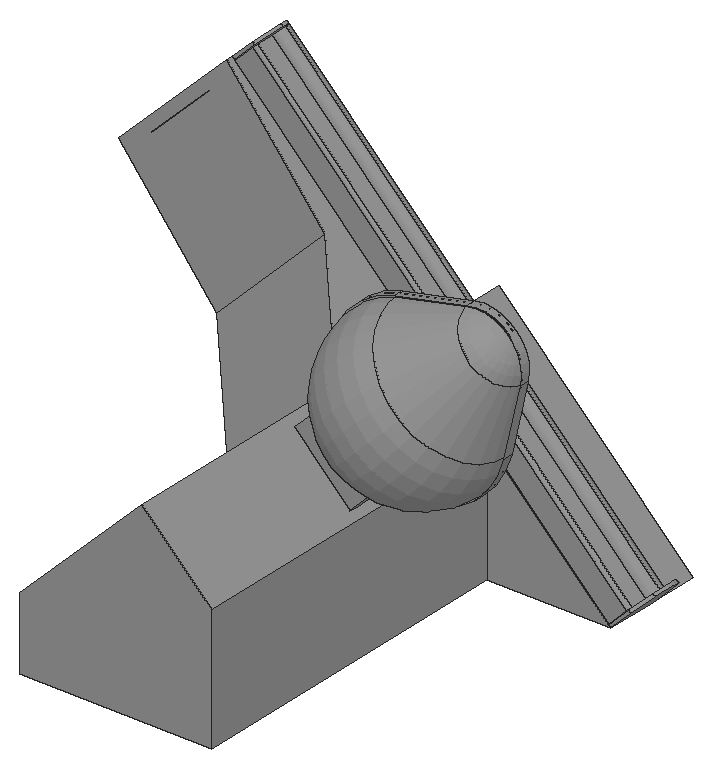
Revit family "Combination-Willoughby-ECW-1545-R-OF", category Plumbing Fixtures, Revit 2015
Parameters (values of type "Standard")
  Waste DIA [instance] = 2 3/8"
  Waste Connection = yes
  W-RAD [instance] = Waste DIA / 2  # 0' - 1 3/16"
  URL = "https://www.willoughby-ind.com/wp-content/uploads/2017/09/1545-Spec-Page.pdf"
  Type Comments = ""
  Revision = "A"
  Flush Inlet Connection = yes
  Model = "ECW-1545-R-OF-1.6"
  Manufacturer = "Willoughby Industries"
  Lav Waste DIA [instance] = 1 1/2"
  LAV Waste Connection = yes
  L-RAD [instance] = Lav Waste DIA / 2  # 0' - 0 3/4"
  HW Connection = no
  Flush inlet DIA [instance] = 1 1/2"
  Fixture Body = Stainless Steel AISI 304-Willoughby
  F-RAD [instance] = Flush inlet DIA / 2  # 0' - 0 3/4"
  Description = "1545 Right Hand Orientation, Wall toilet waste outlet, Off floor mounted, 1.6 GPF"
  Default Elevation = 0' - 0"
  Contact Number = "(800) 428-4065"
  CW Connection = no
Reference planes (in)
  plane 1 "Center (Front/Back)": y = -16.25
  plane 2: z = 0
  plane 3 "Waste CL": x = 0
  plane 4 "Base": y = -16.25
  plane 5 "Seat height": y = 1.75
  plane 6 "Waste Hieght": y = -4.75
  plane 7 "Lwaste ht": y = 8
  plane 8 "flush inlet HT": y = 4.25
  plane 9 "Lav inlet HT": y = 18.25
  plane 10 "Fixture Height": y = 21.75
  plane 11: y = 16.75
  plane 12: y = 16.75
  plane 13: x = -4.43928
  plane 14: x = 0
  plane 15: through (5.56326, 0, 8.31174) normal (0.7071, 0, -0.7071)
  plane 16: through (18.93571, 0, 21.58587) normal (0.7071, 0, -0.7071)
  plane 17: through (11.21677, 0, 22.4617) normal (-0.7071, 0, -0.7071)
  plane 18: through (13.63108, 0, 13.0668) normal (-0.7071, 0, -0.7071)
  plane 19: through (-1.5625, 0, 6.3125) normal (0.7071, 0, 0.7071)
  plane 20: x = 0.375
  plane 21: x = -3.5
  plane 22: x = -6.125
  plane 23: x = 1.375
  plane 24: x = 8.875
Forms (in)
  Extrusion 1, solid, material "Stainless Steel AISI 304-Willoughby" <- "Fixture Body"
    sketch origin (-1.68458, 10.5, 3.3379) x (0.707107, 0, -0.707107) y (0.707107, 0, 0.707107)
      loop
        line (2.70982, 12.45225) -> (2.70982, 16.55468)
        arc (2.70982, 16.55468) -> (6.39888, 20.87266) -> (5.70617, 26.50951) r 7.0486
        line (5.70617, 26.50951) -> (2.63799, 31.40648)
        arc (2.63799, 31.40648) -> (-0.32794, 33.04818) -> (-3.29386, 31.40648) r 3.5
        line (-3.29386, 31.40648) -> (-6.39594, 26.45542)
        arc (-6.39594, 26.45542) -> (-7.09667, 20.86448) -> (-3.45054, 16.56851) r 7
        line (-3.45054, 16.56851) -> (-3.45054, 12.45225) -> (2.70982, 12.45225)
      loop
        line (3.8541, 24.70557) -> (1.45096, 30.23842)
        arc (1.45096, 30.23842) -> (-0.38804, 31.45225) -> (-2.22704, 30.23842) r 2
        line (-2.22704, 30.23842) -> (-4.63018, 24.70557)
        arc (-4.63018, 24.70557) -> (-0.38804, 18.23804) -> (3.8541, 24.70557) r 4.625
    from 8.75 to 9.5
  Revolve 2, solid, material "Stainless Steel AISI 304-Willoughby" <- "Fixture Body"
    sketch origin (-0.30982, 1.5, 6.69351) x (0.707107, 0, -0.707107) y (0.707107, 0, 0.707107)
      loop
        arc (1.06174, 12.59906) -> (7.15052, 16.14555) -> (7.06964, 23.19143) r 7
        line (7.06964, 23.19143) -> (4.02767, 28.04656)
        arc (4.02767, 28.04656) -> (2.75672, 29.25045) -> (1.06174, 29.68826) r 3.5
        line (1.06174, 29.68826) -> (1.06174, 29.43826)
        arc (1.06174, 29.43826) -> (2.63527, 29.03194) -> (3.81535, 27.91457) r 3.25
        line (3.81535, 27.91457) -> (6.78077, 23.18447)
        arc (6.78077, 23.18447) -> (6.96784, 16.33096) -> (1.06174, 12.84906) r 6.75
        line (1.06174, 12.84906) -> (1.06174, 12.59906)
      axis (1.06174, 12.59906) -> (1.06174, 29.68826)
    angle from 0 to -180
  Extrusion 3, solid, material "Stainless Steel AISI 304-Willoughby" <- "Fixture Body"
    sketch origin (0, 21.75, -8.22682) x (-1, 0, 0) y (0, 0, -1)
      loop
        line (5.43305, -8.22682) -> (-19.26346, -8.22682) -> (-4.09227, -23.398) -> (5.43305, -13.87268) -> (5.43305, -8.22682)
    from 0 to 8
  Extrusion 4, solid, material "Stainless Steel AISI 304-Willoughby" <- "Fixture Body"
    sketch origin (14.57379, 17.75, 0.37065) x (-1, 0, 0) y (0, 0, -1)
      loop
        line (33.4941, -20.84255) -> (18.9668, -6.31525) -> (10.48152, -14.80053) -> (25.00882, -29.32784) -> (33.4941, -20.84255)
      loop
        line (25.93339, -27.1733) -> (31.28812, -21.81856)
        arc (31.28812, -21.81856) -> (31.58102, -21.11145) -> (31.28812, -20.40435) r 1
        line (31.28812, -20.40435) -> (21.29651, -10.41273)
        arc (21.29651, -10.41273) -> (20.5894, -10.11984) -> (19.88229, -10.41273) r 1
        line (19.88229, -10.41273) -> (14.52755, -15.76747)
        arc (14.52755, -15.76747) -> (14.23466, -16.47457) -> (14.52755, -17.18168) r 1
        line (14.52755, -17.18168) -> (24.51917, -27.1733)
        arc (24.51917, -27.1733) -> (25.22628, -27.46619) -> (25.93339, -27.1733) r 1
    from 0 to 4
  Extrusion 5, solid, material "Stainless Steel AISI 304-Willoughby" <- "Fixture Body"
    sketch origin (0, 18.25, 5.38846) x (-1, 0, 0) y (0, 0, -1)
      loop
        line (-9.56695, -4.30805) -> (-9.03662, -4.83838) -> (-4.68059, -9.19441) -> (-4.09227, -9.78273) -> (5.43305, -0.2574) -> (5.43305, 5.38846) -> (-9.56695, 5.38846) -> (-9.56695, -4.30805)
    from 0 to 31.5
  Extrusion 6, solid, material "Stainless Steel AISI 304-Willoughby" <- "Fixture Body"
    sketch origin (12.34107, 46.33187, 6.92239) x (0, 1, 0) y (0.707107, 0, -0.707107)
      loop
        line (-32.58187, -11.66556) -> (-40.55839, -11.66556) -> (-34.30788, -19.96026) -> (-33.08187, -32.21026) -> (-32.58187, -32.21026) -> (-32.58187, -11.66556)
    from 0 to 12
  Extrusion 7, solid, material "Stainless Steel AISI 304-Willoughby" <- "Fixture Body"
    sketch origin (0, 0, 0) x (-1, 0, 0) y (0, -1, 0)
      loop
        circle (-0.69195, 4.75) r 1.1875
    from 0 to -3
  Revolve 8, solid, material "Stainless Steel AISI 304-Willoughby" <- "Fixture Body"
    sketch origin (0, 8, 0) x (-1, 0, 0) y (0, 0, 1)
      loop
        line (-2.06695, -3) -> (-1.31695, -3) -> (-1.31695, 1) -> (-2.06695, 1) -> (-2.06695, -3)
      axis (-2.06695, 1) -> (-2.06695, -3)
    angle from 0 to 360
  Extrusion 9, solid, material "Stainless Steel AISI 304-Willoughby" <- "Fixture Body"
    sketch origin (13.99364, -34.07743, -5.26884) x (0, 1, 0) y (-0.707107, 0, -0.707107)
      loop
        line (47.82743, -7.45195) -> (47.82743, -9.70195) -> (49.09543, -10.96995)
        arc (49.09543, -10.96995) -> (50.92221, -11.25341) -> (51.92743, -9.70195) r 1.69987
        line (51.92743, -9.70195) -> (51.92743, -7.45195) -> (47.82743, -7.45195)
    from 0 to 0.25
  Extrusion 10, solid, material "Stainless Steel AISI 304-Willoughby" <- "Fixture Body"
    sketch origin (-27.44804, 0.5, 12.33192) x (0, 1, 0) y (-0.707107, 0, -0.707107)
      loop
        line (15.39313, -24.31003) -> (13.28013, -24.31003) -> (13.28013, -26.57803) -> (15.41821, -27.27327)
        arc (15.41821, -27.27327) -> (16.28244, -26.96338) -> (16.19913, -26.04905) r 0.75
        arc (16.19913, -26.04905) -> (15.60443, -25.26839) -> (15.39313, -24.31003) r 2.27905
    from 0 to 0.25
  Sweep 11, solid, material "Stainless Steel AISI 304-Willoughby" <- "Fixture Body"
    path origin (0, 15.25813, 5.38846) x (-1, 0, 0) y (0, 0, -1)
      loop
        line (8.66726, -25.72424) -> (-20.67718, 3.6202)
    profile origin (6.00496, 15.25813, 16.44048) x (0.707107, 0, 0.707107) y (0, -1, 0)
      loop
        circle (0, -0.892) r 0.75
  Extrusion 12, solid, material "Stainless Steel AISI 304-Willoughby" <- "Fixture Body"
    sketch origin (-27.76071, 0.5, 11.6657) x (0, 1, 0) y (-0.707107, 0, -0.707107)
      loop
        line (13.26824, -25.00221) -> (13.26824, -27.06821)
        arc (13.26824, -27.06821) -> (13.3397, -27.24075) -> (13.51224, -27.31221) r 0.244
        line (13.51224, -27.31221) -> (14.88724, -27.31221) -> (14.88724, -27.19321) -> (13.51224, -27.19321)
        arc (13.51224, -27.19321) -> (13.42385, -27.1566) -> (13.38724, -27.06821) r 0.125
        line (13.38724, -27.06821) -> (13.38724, -25.00221) -> (13.26824, -25.00221)
    from -41.24931 to 0.25
Cuts and joins
  joined: Extrusion 3, Extrusion 4, Extrusion 5, Extrusion 6
Lines and regions (in)
  symbolic lines
    curve 1: line (0, -16.25, 0) -> (0, -16.25, 10.875)
    curve 2: line (0, -16.25, 10.875) -> (0, -9.77082, 10.875)
    curve 3: line (0, -9.77082, 7.42785) -> (0, -9.77082, 14.55072)
    curve 4: arc (0, -9.77082, 14.55072) -> (0, -9.63092, 15.12832) -> (0, -9.34027, 15.64669) r 2.18047
    curve 5: arc (0, -9.34027, 15.64669) -> (0, -8.16612, 16.62247) -> (0, -6.71641, 17.10112) r 4.10062
    curve 6: arc (0, -6.71641, 17.10112) -> (0, -6.25895, 17.17115) -> (0, -5.79693, 17.19776) r 4.90539
    curve 7: line (0, -5.79693, 17.19776) -> (0, -5.34908, 17.19776)
    curve 8: line (0, -9.77082, 7.42785) -> (0, 1, 7.42785)
    curve 9: line (0, 1, 7.42785) -> (0, 1, 6.12122)
    curve 10: line (0, 1, 6.12122) -> (0, 1.75, 6.12122)
    curve 11: line (0, 1.75, 6.12122) -> (0, 1.75, 23.85789)
    curve 12: line (0, 1.75, 23.85789) -> (0, 1, 23.85789)
    curve 13: line (0, 1, 23.85789) -> (0, 1, 23.81298)
    curve 14: arc (0, 1, 23.81298) -> (0, 0.24523, 23.62415) -> (0, -0.44203, 23.25943) r 3.213
    curve 15: line (0, -3.65124, 20.43726) -> (0, -0.44203, 23.25943)
    curve 16: arc (0, -3.65124, 20.43726) -> (0, -4.49136, 19.29804) -> (0, -5.10282, 18.02143) r 7.51089
    curve 17: arc (0, -5.10282, 18.02143) -> (0, -5.32358, 17.30352) -> (0, -5.4657, 16.56599) r 6.96004
    curve 18: arc (0, -5.4657, 16.56599) -> (0, -5.44608, 14.67073) -> (0, -4.87907, 12.86216) r 6.48196
    curve 19: arc (0, -4.87907, 12.86216) -> (0, -2.47541, 10.03856) -> (0, 1, 8.74559) r 7.35882
    curve 20: line (0, 1.75, 10.875) -> (0, 17.75, 10.875)
    curve 21: line (0, 6.9375, 10.875) -> (0, 12.02399, 15.64797)
    curve 22: line (0, 12.02399, 15.64797) -> (0, 13.25, 24.31003)
    curve 23: line (0, 13.25, 24.31003) -> (0, 14.75, 24.31003)
    curve 24: line (0, 14.75, 24.31003) -> (0, 16.08298, 26.14349)
    curve 25: arc (0, 16.08298, 26.14349) -> (0, 16.84422, 26.47073) -> (0, 17.49557, 25.95855) r 0.81101
    curve 26: line (0, 17.49557, 25.95855) -> (0, 17.75, 24.31003)
    curve 27: line (0, 17.75, 24.31003) -> (0, 17.75, 10.875)
    curve 28: line (0, 17.75, 10.875) -> (0, 21.75, 10.875)
    curve 29: line (0, 21.75, 10.875) -> (0, 21.75, 0)
    curve 30: line (0, 21.75, 0) -> (0, -16.25, 0)
    curve 31: line (-6.125, -16.25, 0) -> (8.875, -16.25, 0)
    curve 32: line (8.875, -16.25, 0) -> (8.875, -9.77082, 0)
    curve 33: line (8.875, -9.77082, 0) -> (4.67938, -9.77082, 0)
    curve 34: line (4.67938, -9.77082, 0) -> (4.67938, 1, 0)
    curve 35: line (4.67938, 1, 0) -> (3.39775, 1, 0)
    curve 36: line (3.39775, 1, 0) -> (3.39775, 1.75, 0)
    curve 37: line (3.39775, 1.75, 0) -> (21.19441, 1.75, 0)
    curve 38: line (21.19441, 1.75, 0) -> (21.15511, 1, 0)
    curve 39: arc (21.15511, 1, 0) -> (20.95055, 0.24585, 0) -> (20.59794, -0.45146, 0) r 3.84994
    curve 40: line (20.59794, -0.45146, 0) -> (18.38285, -2.99963, 0)
    curve 41: arc (18.38285, -2.99963, 0) -> (17.86342, -3.56386, 0) -> (17.28141, -4.06329, 0) r 6.5291
    curve 42: arc (17.28141, -4.06329, 0) -> (15.92752, -4.87211, 0) -> (14.4279, -5.36027, 0) r 7.06139
    curve 43: arc (14.4279, -5.36027, 0) -> (13.54813, -5.48094, 0) -> (12.66013, -5.48389, 0) r 6.68208
    curve 44: arc (12.66013, -5.48389, 0) -> (10.67273, -5.07519, 0) -> (8.875, -4.13447, 0) r 7.28874
    curve 45: arc (8.875, -4.13447, 0) -> (7.41489, -2.70905, 0) -> (6.44715, -0.9126, 0) r 6.75389
    curve 46: arc (6.44715, -0.9126, 0) -> (6.18017, 0.03016, 0) -> (6.04061, 1, 0) r 7.37011
    curve 47: line (14.4279, -5.36027, 0) -> (14.4279, -5.77082, 0)
    curve 48: arc (14.4279, -5.77082, 0) -> (14.2915, -6.96797, 0) -> (13.88929, -8.10376, 0) r 5.32184
    curve 49: arc (13.88929, -8.10376, 0) -> (13.02601, -9.24289, 0) -> (11.69305, -9.75875, 0) r 2.61768
    curve 50: line (11.69305, -9.75875, 0) -> (8.87748, -9.75875, 0)
    curve 51: arc (10.07132, -9.75875, 0) -> (10.92795, -9.45203, 0) -> (11.62189, -8.86353, 0) r 2.5444
    curve 52: arc (11.62189, -8.86353, 0) -> (12.41175, -7.45024, 0) -> (12.65944, -5.85026, 0) r 4.57133
    curve 53: line (12.65944, -5.85026, 0) -> (12.65944, -5.49235, 0)
    curve 54: line (8.875, 1.75, 0) -> (8.875, 15.25, 0)
    curve 55: line (8.875, 15.25, 0) -> (15.375, 15.25, 0)
    curve 56: arc (15.375, 15.25, 0) -> (16.875, 16.75, 0) -> (15.375, 18.25, 0) r 1.5
    curve 57: line (15.375, 18.25, 0) -> (13.875, 18.25, 0)
    curve 58: line (13.875, 18.25, 0) -> (13.875, 21.75, 0)
    curve 59: line (13.875, 21.75, 0) -> (-6.125, 21.75, 0)
    curve 60: line (-6.125, 21.75, 0) -> (-6.125, 17.75, 0)
    curve 61: line (-6.125, 17.75, 0) -> (-18.92031, 17.75, 0)
    curve 62: line (-18.92031, 17.75, 0) -> (-18.92031, 13.25, 0)
    curve 63: line (-18.92031, 13.25, 0) -> (-10.25825, 12.02399, 0)
    curve 64: line (-10.25825, 12.02399, 0) -> (-6.125, 7.61924, 0)
    curve 65: line (-6.125, 7.61924, 0) -> (-6.125, -16.25, 0)
  reference lines
    curve 66: line (-8.31371, -16.25, 30.67437) -> (21.38478, -16.25, 0.97588)
Dimensions and locks (in)
  locked: plane 5 "Seat height" to plane 4 "Base" at 18
  plane 6 "Waste Hieght" to plane 4 "Base" = 0' - 11 1/2"
  plane 7 "Lwaste ht" to plane 4 "Base" = 2' - 0 1/4"
  plane 8 "flush inlet HT" to plane 4 "Base" = 1' - 8 1/2"
  locked: Extrusion 1 to Extrusion 1 at 0.75
  plane 21 to plane 20 = 0' - 3 7/8"
  cut or joined group of Extrusion 3, Extrusion 4, Extrusion 5, Extrusion 6 to plane 21 = 0' - 1.93305"  (x2)
  cut or joined group of Extrusion 3, Extrusion 4, Extrusion 5, Extrusion 6 to plane 20 = 0' - 5.80805"  (x2)
  plane 22 to plane 23 = 0' - 7 1/2"
  locked: cut or joined group of Extrusion 3, Extrusion 4, Extrusion 5, Extrusion 6 to plane 4 "Base" at 34
  locked: plane 10 "Fixture Height" to plane 4 "Base" at 38
  locked: plane 1 "Center (Front/Back)" to Extrusion 1 at 18
  plane 24 to plane 22 = 1' - 3"
  plane 22 to cut or joined group of Extrusion 3, Extrusion 4, Extrusion 5, Extrusion 6 = 2' - 1.38846"
  Revolve 8 sketch curve to Revolve 8 sketch curve = 0' - 1"
  aligned: plane 18 to Revolve 2
  aligned: plane 16 to plane 15
  aligned: plane 18 to plane 17
  aligned and locked: Extrusion 12 to Extrusion 9
  aligned and locked: Extrusion 12 to Extrusion 10
  aligned and locked: Extrusion 3 to Extrusion 5
  aligned and locked: Revolve 8 sketch curve to Extrusion 7
Connectors (in)
  piping at (0.69195, -4.75, -3), diameter 2.375, driven by "W-RAD", driven by "Waste Connection"
    settings: on Extrusion 7, index 6, connector inside diameter 2 1/4", connector length 0' - 0", flow factor 0, pipe flow 0 GPM, pressure drop 0.00 psi, fitting loss kfactor 0, connector angle 0.00°, fixture units 0, engagement length 0' - 0", angle of deflection 0.00°, flow configuration 0, flow direction 2, fitting loss method 0, system type 16, joint type 0, gender type 0, connector reference index -1, connector utility 1, adjustable connector yes, is connector primary yes, connector description "Toilet Waste"
  piping at (2.06695, 8, -3), diameter 1.5, driven by "L-RAD", driven by "LAV Waste Connection"
    settings: on Revolve 8, index 7, connector inside diameter 24", connector length 0' - 0", flow factor 0, pipe flow 0 GPM, pressure drop 0.00 psi, fitting loss kfactor 0, connector angle 0.00°, fixture units 0, engagement length 0' - 0", angle of deflection 0.00°, flow configuration 0, flow direction 0, fitting loss method 0, system type 7, joint type 0, gender type 0, connector reference index -1, connector utility 1, adjustable connector no, is connector primary no, connector description "Sink Waste"
